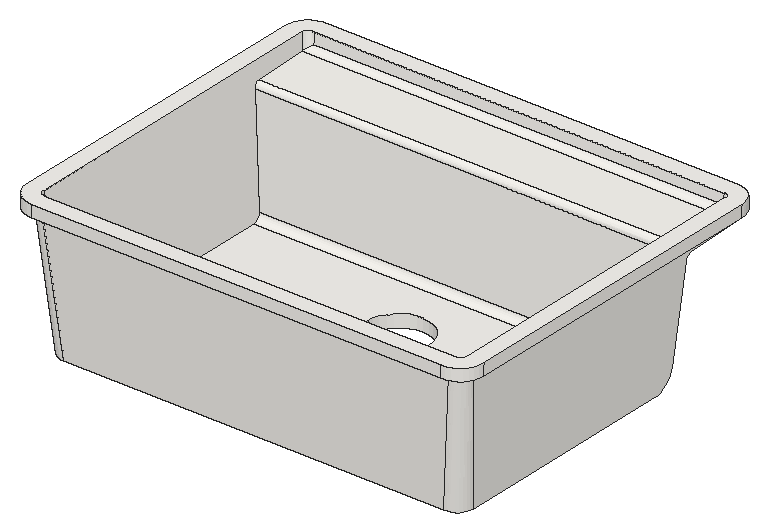
Revit family "Sink-Corian-European-Tasty-9610", category Plumbing Fixtures, host Face, Revit 2015
Parameters (values of type "9610")
  Width = 680.0 mm
  WFU = 0
  Version = "2015 - v1.0a"  # constant formula
  URL = "http://www.corian.uk/-the-complete-residential-surfaces-solutions-"
  Sink Colors Available = "Designer White, Glacier White"
  Product Page URL = "http://www.corian.uk/-kitchen-sinks-"
  Model = "Tasty 9610"  # constant formula
  Manufacturer = "DuPont"  # constant formula
  Length = 550.0 mm
  Interior Width = 630.0 mm
  Interior Length = 500.0 mm
  HWFU = 0
  Finish = Solid Surface Sink - DuPont - Glacier White
  Description = "Kitchen Sink Europe Specification"  # constant formula
  Interior Depth = 196.0 mm
  Depth = 215.0 mm
  Default Elevation = 1219.2 mm
  Cost = 0
  CWFU = 0
Reference planes
  plane 1 "Center (Front/Back)": y = 0
  plane 2: z = 0
  plane 3 "Center (Left/Right)": x = 0
  plane 4: y = 275
  plane 5: y = -275
  plane 6: x = -340
  plane 7: x = 340
  plane 8: z = -208
  plane 9: x = -315
  plane 10: x = 315
  plane 11: y = 250
  plane 12: y = -250
  plane 13 "NAME": z = -12
  plane 14: z = -227
  plane 15: x = -370
  plane 16: x = 370
Forms (mm)
  Extrusion 1, void
    sketch origin (0, 0, 0) x (1, 0, 0) y (0, 1, 0)
      loop
        arc (-315, -239.5) -> (-311.925, -246.925) -> (-304.5, -250) r 10.5
        line (-304.5, -250) -> (304.5, -250)
        arc (304.5, -250) -> (311.925, -246.925) -> (315, -239.5) r 10.5
        line (315, -239.5) -> (315, 239.5)
        arc (315, 239.5) -> (311.925, 246.925) -> (304.5, 250) r 10.5
        line (304.5, 250) -> (-304.5, 250)
        arc (-304.5, 250) -> (-311.925, 246.925) -> (-315, 239.5) r 10.5
        line (-315, 239.5) -> (-315, -239.5)
    from -227 to 0
  Sweep 2, solid, material "Solid Surface Sink - DuPont - Glacier White" <- "Finish"
    path origin (-322.065, -4572, -12) x (-1, 0, 0) y (0, -1, 0)
      loop
        arc (-17.565, -4847) -> (7.538, -4836.602) -> (17.935, -4811.5) r 35.5
        line (17.935, -4811.5) -> (17.935, -4332.5)
        arc (17.935, -4332.5) -> (7.538, -4307.398) -> (-17.565, -4297) r 35.5
        line (-17.565, -4297) -> (-626.565, -4297)
        arc (-626.565, -4297) -> (-651.667, -4307.398) -> (-662.065, -4332.5) r 35.5
        line (-662.065, -4332.5) -> (-662.065, -4811.5)
        arc (-662.065, -4811.5) -> (-651.667, -4836.602) -> (-626.565, -4847) r 35.5
        line (-626.565, -4847) -> (-17.565, -4847)
    profile origin (0, 275, -12) x (0, 1, 0) y (0, 0, 1)
      loop
        line (0, 0) -> (-20.429, 0) -> (-22.854, -17.257) -> (0, -17.257) -> (0, 0)
  Extrusion 3, solid, material "Solid Surface Sink - DuPont - Glacier White" <- "Finish"
    sketch origin (-322.065, -4572, -12) x (-1, 0, 0) y (0, -1, 0)
      loop
        arc (-613.226, -4788.9) -> (-610.513, -4795.448) -> (-603.965, -4798.161) r 9.261
        line (-603.965, -4798.161) -> (-40.165, -4798.161)
        arc (-40.165, -4798.161) -> (-33.616, -4795.448) -> (-30.904, -4788.9) r 9.261
        line (-30.904, -4788.9) -> (-30.904, -4355.1)
        arc (-30.904, -4355.1) -> (-33.616, -4348.552) -> (-40.165, -4345.839) r 9.261
        line (-40.165, -4345.839) -> (-603.965, -4345.839)
        arc (-603.965, -4345.839) -> (-610.513, -4348.552) -> (-613.226, -4355.1) r 9.261
        line (-613.226, -4355.1) -> (-613.226, -4788.9)
    from -215 to -196
  Extrusion 4, void, detail levels medium+fine
    sketch origin (-322.065, -4572, -12) x (0, -1, 0) y (-1, 0, 0)
      loop
        circle (-4648.2, -322.065) r 46.038
    from 134.956 to 215
  SweptBlend 5, solid, material "Solid Surface Sink - DuPont - Glacier White" <- "Finish"
    path origin (0, 0, 0) x (0, 1, 0) y (0, 0, 1)
      loop
        line (0, -12) -> (0, -227)
    profile origin (0, 0, -12) x (1, 0, 0) y (0, 1, 0)
      loop
        line (-325, 240) -> (-325, -240)
        arc (-325, -240) -> (-319.142, -254.142) -> (-305, -260) r 20
        line (-305, -260) -> (305, -260)
        arc (305, -260) -> (319.142, -254.142) -> (325, -240) r 20
        line (325, -240) -> (325, 240)
        arc (325, 240) -> (319.142, 254.142) -> (305, 260) r 20
        line (305, 260) -> (-305, 260)
        arc (-305, 260) -> (-319.142, 254.142) -> (-325, 240) r 20
    end profile origin (0, 0, -227) x (1, 0, 0) y (0, 1, 0)
      loop
        line (-307.5, 217.5) -> (-307.5, -217.5)
        arc (-307.5, -217.5) -> (-300.178, -235.178) -> (-282.5, -242.5) r 25
        line (-282.5, -242.5) -> (282.5, -242.5)
        arc (282.5, -242.5) -> (300.178, -235.178) -> (307.5, -217.5) r 25
        line (307.5, -217.5) -> (307.5, 217.5)
        arc (307.5, 217.5) -> (300.178, 235.178) -> (282.5, 242.5) r 25
        line (282.5, 242.5) -> (-282.5, 242.5)
        arc (-282.5, 242.5) -> (-300.178, 235.178) -> (-307.5, 217.5) r 25
  SweptBlend 6, void
    path origin (0, 0, 0) x (0, 1, 0) y (0, 0, 1)
      loop
        line (0, -12) -> (0, -208)
    profile origin (0, 0, -12) x (1, 0, 0) y (0, 1, 0)
      loop
        line (-314.975, 240) -> (-314.975, -240)
        arc (-314.975, -240) -> (-312.053, -247.053) -> (-305, -249.975) r 9.975
        line (-305, -249.975) -> (305, -249.975)
        arc (305, -249.975) -> (312.053, -247.053) -> (314.975, -240) r 9.975
        line (314.975, -240) -> (314.975, 240)
        arc (314.975, 240) -> (312.053, 247.053) -> (305, 249.975) r 9.975
        line (305, 249.975) -> (-305, 249.975)
        arc (-305, 249.975) -> (-312.053, 247.053) -> (-314.975, 240) r 9.975
    end profile origin (0, 0, -208) x (1, 0, 0) y (0, 1, 0)
      loop
        line (-293.2, 211.2) -> (-293.2, -211.2)
        arc (-293.2, -211.2) -> (-288.221, -223.221) -> (-276.2, -228.2) r 17
        line (-276.2, -228.2) -> (276.2, -228.2)
        arc (276.2, -228.2) -> (288.221, -223.221) -> (293.2, -211.2) r 17
        line (293.2, -211.2) -> (293.2, 211.2)
        arc (293.2, 211.2) -> (288.221, 223.221) -> (276.2, 228.2) r 17
        line (276.2, 228.2) -> (-276.2, 228.2)
        arc (-276.2, 228.2) -> (-288.221, 223.221) -> (-293.2, 211.2) r 17
  Extrusion 7, solid, material "Solid Surface Sink - DuPont - Glacier White" <- "Finish"
    sketch origin (0, 0, 0) x (0, 1, 0) y (0, 0, 1)
      loop
        arc (249.256, -24.182) -> (244.969, -31.778) -> (236.708, -34.578) r 12.216
        line (236.708, -34.578) -> (156.533, -37.378)
        arc (156.533, -37.378) -> (150.578, -40.218) -> (148.159, -46.357) r 9.001
        line (148.159, -46.357) -> (134.881, -198.13)
        arc (134.881, -198.13) -> (130.796, -205.206) -> (123.118, -208) r 11.944
        line (123.118, -208) -> (117.583, -208) -> (117.583, -227)
        arc (117.583, -227) -> (137.997, -218.544) -> (146.453, -198.13) r 28.87
        line (146.453, -198.13) -> (158.687, -58.287)
        arc (158.687, -58.287) -> (162.506, -51.399) -> (169.755, -48.322) r 12.095
        line (169.755, -48.322) -> (255.897, -45.314) -> (255.897, -24.182) -> (249.256, -24.182)
    from -370 to 370
  Extrusion 8, void
    sketch origin (0, 0, 0) x (0, 1, 0) y (0, 0, 1)
      loop
        line (276, -43.611) -> (169.703, -47.323)
        arc (169.703, -47.323) -> (161.826, -50.665) -> (157.695, -58.157) r 13.095
        line (157.695, -58.157) -> (146.206, -198.343)
        arc (146.206, -198.343) -> (137.774, -218.257) -> (117.583, -226) r 27.632
        line (117.583, -226) -> (117.583, -258) -> (276, -258) -> (276, -43.611)
    from -370 to 370
  Extrusion 9, void
    sketch origin (0, 0, 0) x (1, 0, 0) y (0, 0, 1)
      loop
        line (-307.5, -227) -> (-325.977, 0) -> (-370, 0) -> (-370, -227) -> (-307.5, -227)
      loop
        line (307.5, -227) -> (370, -227) -> (370, 0) -> (325.977, 0) -> (307.5, -227)
    from -275 to 0
  Extrusion 10, void
    sketch origin (0, 0, 0) x (1, 0, 0) y (0, 1, 0)
      loop
        circle (0, 26.2) r 46.038
    from -227 to -208
Cuts and joins
  Extrusion 10 cuts Sweep 2
  Extrusion 4, Extrusion 8, Extrusion 10 cuts Extrusion 3
  SweptBlend 6, Extrusion 8, Extrusion 10 cuts SweptBlend 5
  Extrusion 9, Extrusion 10 cuts Extrusion 7
  joined: Sweep 2, Extrusion 3, SweptBlend 5, Extrusion 7
Lines and regions (mm)
  Masking region 1, detail levels medium+fine
    outline origin (677.935, -4572, -12) x (-1, 0, 0) y (0, -1, 0)
      loop
        circle (677.935, -4598.2) r 46.038
  Masking region 2
    outline origin (0, 0, 0) x (1, 0, 0) y (0, 1, 0)
      loop
        arc (-305.025, -249.975) -> (-312.078, -247.053) -> (-315, -240) r 9.975
        line (-315, -240) -> (-315, 240)
        arc (-315, 240) -> (-312.071, 247.071) -> (-305, 250) r 10
        line (-305, 250) -> (305, 250)
        arc (305, 250) -> (312.071, 247.071) -> (315, 240) r 10
        line (315, 240) -> (315, -240)
        arc (315, -240) -> (312.078, -247.053) -> (305.025, -249.975) r 9.975
      loop
        line (-304.975, -250) -> (304.975, -250)
  Masking region 3, detail levels fine
    outline origin (0, 0, 0) x (1, 0, 0) y (0, 1, 0)
      loop
        line (-293.2, 134.017) -> (-293.2, -211.2)
        arc (-293.2, -211.2) -> (-288.221, -223.221) -> (-276.2, -228.2) r 17
        line (-276.2, -228.2) -> (276.2, -228.2)
        arc (276.2, -228.2) -> (288.221, -223.221) -> (293.2, -211.2) r 17
        line (293.2, -211.2) -> (293.2, 134.017) -> (312.156, 148.945) -> (312.156, 236.533)
        arc (312.156, 236.533) -> (308.724, 244.818) -> (300.439, 248.25) r 11.717
        line (300.439, 248.25) -> (-300.439, 248.25)
        arc (-300.439, 248.25) -> (-308.724, 244.818) -> (-312.156, 236.533) r 11.717
        line (-312.156, 236.533) -> (-312.156, 148.945) -> (-293.2, 134.017)
  symbolic lines, detail levels fine
    curve 1: line (312.156, 148.945, 0) -> (-312.156, 148.945, 0)
    curve 2: line (-293.2, 134.017, 0) -> (293.2, 134.017, 0)
  symbolic lines, detail levels medium
    curve 3: line (-315, 148.945, 0) -> (315, 148.945, 0)
Dimensions and locks
  locked: plane 2 to plane 13 "NAME" at 12
  "Interior Depth": plane 13 "NAME" to plane 8
  "Interior Width": plane 9 to plane 10
  "Width": plane 6 to plane 7
  "Interior Length": plane 11 to plane 12
  "Length": plane 4 to plane 5
  equal spacing: plane 11, plane 1 "Center (Front/Back)", plane 12
  equal spacing: plane 4, plane 1 "Center (Front/Back)", plane 5
  plane 6 to Sweep 2 sketch curve to Sweep 2 sketch curve = 35.5 mm locked, 0.0 mm locked
  Sweep 2 sketch curve to Sweep 2 sketch curve to plane 7 = 0.0 mm locked, 35.5 mm locked
  plane 4 to Sweep 2 sketch curve to Sweep 2 sketch curve = 35.5 mm locked, 0.0 mm locked
  Sweep 2 sketch curve to Sweep 2 sketch curve to plane 5 = 0.0 mm locked, 35.5 mm locked
  plane 6 to Extrusion 1 sketch curve to Extrusion 1 sketch curve = 35.5 mm locked, 0.0 mm locked
  Extrusion 1 sketch curve to Extrusion 1 sketch curve to plane 7 = 0.0 mm locked, 35.5 mm locked
  plane 4 to Extrusion 1 sketch curve to Extrusion 1 sketch curve = 35.5 mm locked, 0.0 mm locked
  Extrusion 1 sketch curve to Extrusion 1 sketch curve to plane 5 = 0.0 mm locked, 35.5 mm locked
  locked: plane 13 "NAME" to Sweep 2 sketch curve at 17.257
  plane 4 to Sweep 2 sketch curve to Sweep 2 sketch curve = 20.429 mm locked, 2.425 mm locked
  locked: plane 13 "NAME" to SweptBlend 5 sketch curve
  locked: plane 13 "NAME" to SweptBlend 6 sketch curve
  plane 9 to SweptBlend 6 sketch curve to SweptBlend 6 sketch curve to SweptBlend 6 sketch curve = 0.025 mm locked, 9.975 mm locked, 0.0 mm locked
  SweptBlend 6 sketch curve to SweptBlend 6 sketch curve to SweptBlend 6 sketch curve to plane 10 = 0.0 mm locked, 9.975 mm locked, 0.025 mm locked
  plane 11 to SweptBlend 6 sketch curve to SweptBlend 6 sketch curve to SweptBlend 6 sketch curve = 0.025 mm locked, 9.975 mm locked, 0.0 mm locked
  SweptBlend 6 sketch curve to SweptBlend 6 sketch curve to SweptBlend 6 sketch curve to plane 12 = 0.0 mm locked, 9.975 mm locked, 0.025 mm locked
  plane 11 to SweptBlend 6 sketch curve to SweptBlend 6 sketch curve to SweptBlend 6 sketch curve = 21.8 mm locked, 17.0 mm locked, 0.0 mm locked
  SweptBlend 6 sketch curve to SweptBlend 6 sketch curve to SweptBlend 6 sketch curve to plane 12 = 0.0 mm locked, 17.0 mm locked, 21.8 mm locked
  plane 9 to SweptBlend 6 sketch curve to SweptBlend 6 sketch curve to SweptBlend 6 sketch curve = 21.8 mm locked, 17.0 mm locked, 0.0 mm locked
  SweptBlend 6 sketch curve to SweptBlend 6 sketch curve to SweptBlend 6 sketch curve to plane 10 = 0.0 mm locked, 17.0 mm locked, 21.8 mm locked
  SweptBlend 5 sketch curve to plane 9 to SweptBlend 5 sketch curve to SweptBlend 5 sketch curve = 10.0 mm locked, 10.0 mm locked, 0.0 mm locked
  SweptBlend 5 sketch curve to SweptBlend 5 sketch curve to plane 10 to SweptBlend 5 sketch curve = 0.0 mm locked, 10.0 mm locked, 10.0 mm locked
  SweptBlend 5 sketch curve to plane 11 to SweptBlend 5 sketch curve to SweptBlend 5 sketch curve = 10.0 mm locked, 10.0 mm locked, 0.0 mm locked
  SweptBlend 5 sketch curve to SweptBlend 5 sketch curve to plane 12 to SweptBlend 5 sketch curve = 0.0 mm locked, 10.0 mm locked, 10.0 mm locked
  plane 9 to Extrusion 3 sketch curve to Extrusion 3 sketch curve to Extrusion 3 sketch curve = 23.839 mm locked, 9.261 mm locked, 0.0 mm locked
  Extrusion 3 sketch curve to Extrusion 3 sketch curve to Extrusion 3 sketch curve to plane 10 = 0.0 mm locked, 9.261 mm locked, 23.839 mm locked
  plane 11 to Extrusion 3 sketch curve to Extrusion 3 sketch curve to Extrusion 3 sketch curve = 23.839 mm locked, 9.261 mm locked, 0.0 mm locked
  Extrusion 3 sketch curve to Extrusion 3 sketch curve to Extrusion 3 sketch curve to plane 12 = 0.0 mm locked, 9.261 mm locked, 23.839 mm locked
  SweptBlend 5 sketch curve to SweptBlend 5 sketch curve to SweptBlend 5 sketch curve to plane 10 = 0.0 mm locked, 25.0 mm locked, 7.5 mm locked
  plane 9 to SweptBlend 5 sketch curve to SweptBlend 5 sketch curve to SweptBlend 5 sketch curve = 7.5 mm locked, 25.0 mm locked, 0.0 mm locked
  equal spacing: plane 9, plane 3 "Center (Left/Right)", plane 10
  equal spacing: plane 6, plane 3 "Center (Left/Right)", plane 7
  locked: plane 8 to plane 14 at 19
  plane 11 to SweptBlend 5 sketch curve to SweptBlend 5 sketch curve to SweptBlend 5 sketch curve = 7.5 mm locked, 25.0 mm locked, 0.0 mm locked
  SweptBlend 5 sketch curve to SweptBlend 5 sketch curve to SweptBlend 5 sketch curve to plane 12 = 0.0 mm locked, 25.0 mm locked, 7.5 mm locked
  plane 1 "Center (Front/Back)" to Extrusion 8 = 276.0 mm
  locked: plane 15 to plane 6 at 30
  locked: plane 7 to plane 16 at 30
  locked: plane 1 "Center (Front/Back)" to Extrusion 10 sketch curve at 26.2
  locked: plane 1 "Center (Front/Back)" to Extrusion 4 sketch curve at 76.2
  Extrusion 7 sketch curve to plane 11 to Extrusion 7 sketch curve to Extrusion 7 sketch curve to Extrusion 7 sketch curve to Extrusion 7 sketch curve to Extrusion 7 sketch curve to Extrusion 7 sketch curve to Extrusion 7 sketch curve to Extrusion 7 sketch curve to Extrusion 7 sketch curve to Extrusion 7 sketch curve = 5.897 mm locked, 0.744 mm locked, 12.548 mm locked, 66.953 mm locked, 11.067 mm locked, 2.155 mm locked, 8.373 mm locked, 1.707 mm locked, 11.572 mm locked, 11.763 mm locked, 5.536 mm locked
  plane 13 "NAME" to Extrusion 7 sketch curve to Extrusion 7 sketch curve to Extrusion 7 sketch curve to Extrusion 7 sketch curve to Extrusion 7 sketch curve to Extrusion 7 sketch curve to Extrusion 7 sketch curve = 12.182 mm locked, 10.396 mm locked, 2.8 mm locked, 7.936 mm locked, 1.043 mm locked, 1.965 mm locked, 9.965 mm locked
  Extrusion 7 sketch curve to Extrusion 7 sketch curve to plane 8 to Extrusion 7 sketch curve to Extrusion 7 sketch curve = 0.0 mm locked, 9.87 mm locked, 0.0 mm locked, 19.0 mm locked
  Extrusion 8 sketch curve to plane 4 to Extrusion 8 sketch curve to Extrusion 8 sketch curve to Extrusion 8 sketch curve to Extrusion 8 sketch curve = 1.0 mm locked, 105.297 mm locked, 12.008 mm locked, 11.49 mm locked, 28.623 mm locked
  Extrusion 8 sketch curve to Extrusion 8 sketch curve to plane 14 to Extrusion 8 sketch curve = 27.657 mm locked, 1.0 mm locked, 31.0 mm locked
  plane 13 "NAME" to Extrusion 8 sketch curve to Extrusion 8 sketch curve to Extrusion 8 sketch curve = 31.611 mm locked, 3.712 mm locked, 10.834 mm locked
  diameter of Extrusion 4 sketch curve = 92.075 mm
  aligned and locked: plane 2 to host face
  aligned and locked: level to host face
  aligned and locked: level to Extrusion 1
  aligned and locked: plane 3 "Center (Left/Right)" to Extrusion 4 sketch curve
  aligned and locked: Sweep 2 sketch curve to plane 5
  aligned and locked: plane 7 to Sweep 2 sketch curve
  aligned and locked: plane 6 to Sweep 2 sketch curve
  aligned and locked: Sweep 2 sketch curve to plane 4
  aligned and locked: plane 4 to Sweep 2 sketch curve
  aligned and locked: Sweep 2 sketch curve to plane 13 "NAME"
  aligned and locked: plane 1 "Center (Front/Back)" to SweptBlend 5 sketch curve
  aligned and locked: SweptBlend 6 sketch curve to plane 1 "Center (Front/Back)"
  aligned and locked: cut or joined group of Sweep 2, Extrusion 3, Extrusion 4, SweptBlend 5, SweptBlend 6, Extrusion 7, Extrusion 8, Extrusion 9, Extrusion 10 to plane 14  (x2)
  aligned and locked: plane 8 to cut or joined group of Sweep 2, Extrusion 3, Extrusion 4, SweptBlend 5, SweptBlend 6, Extrusion 7, Extrusion 8, Extrusion 9, Extrusion 10
  aligned and locked: plane 8 to SweptBlend 6 sketch curve
  aligned and locked: Extrusion 8 to plane 15
  aligned and locked: Extrusion 8 to plane 16
  aligned and locked: Extrusion 8 to Extrusion 7  (x2)
  aligned and locked: plane 4 to Extrusion 9
  aligned and locked: plane 1 "Center (Front/Back)" to Extrusion 9
  aligned and locked: plane 16 to Extrusion 9 sketch curve
  aligned and locked: Extrusion 9 sketch curve to plane 15
  aligned and locked: Extrusion 9 sketch curve to plane 14
  aligned and locked: plane 14 to Extrusion 9 sketch curve
  aligned and locked: plane 3 "Center (Left/Right)" to Extrusion 10 sketch curve
  aligned and locked: Extrusion 10 to plane 14
  aligned and locked: plane 8 to Extrusion 10
  aligned and locked: plane 9 to Masking region 2 sketch curve
  aligned and locked: Masking region 2 sketch curve to plane 11
  aligned and locked: plane 10 to Masking region 2 sketch curve
  aligned and locked: Masking region 2 sketch curve to plane 12
Automatic sketch dimensions
  host sketch curve to host sketch curve = 2438.4 mm  (x2)
  Masking region 1 sketch curve to Masking region 1 sketch curve = 0.0 mm  (x2)
  plane 3 "Center (Left/Right)" to Masking region 1 sketch curve = 0.0 mm
  Masking region 1 sketch curve to plane 1 "Center (Front/Back)" = 26.2 mm
  Masking region 1 sketch curve to Masking region 1 sketch curve = 46.038 mm
  SweptBlend 5 sketch curve to plane 1 "Center (Front/Back)" = 0.0 mm
  Extrusion 1 sketch curve to plane 9 = 0.0 mm
  SweptBlend 5 sketch curve to plane 8 = 19.0 mm
  Extrusion 7 sketch curve to Extrusion 7 sketch curve = 0.467 mm
  Extrusion 7 sketch curve to Extrusion 7 sketch curve = 0.0 mm
  Extrusion 8 sketch curve to Extrusion 8 sketch curve = 0.896 mm
  Extrusion 8 sketch curve to Extrusion 8 sketch curve = 27.632 mm
  Extrusion 9 sketch curve to level = 0.0 mm  (x2)
  Extrusion 9 sketch curve to plane 9 = 10.977 mm
  plane 9 to Extrusion 9 sketch curve = 7.5 mm
  Extrusion 9 sketch curve to plane 10 = 7.5 mm
  plane 10 to Extrusion 9 sketch curve = 10.977 mm
  Masking region 2 sketch curve to Masking region 2 sketch curve = 9.975 mm
  plane 9 to Masking region 2 sketch curve = 10.0 mm
  Masking region 2 sketch curve to plane 10 = 10.0 mm
  Masking region 2 sketch curve to plane 10 = 9.975 mm
  plane 12 to Masking region 2 sketch curve = 10.0 mm  (x2)
  Masking region 2 sketch curve to Masking region 2 sketch curve = 0.051 mm  (x2)
  plane 9 to Masking region 3 sketch curve = 2.844 mm
  Masking region 3 sketch curve to plane 11 = 1.75 mm
  plane 9 to Masking region 3 sketch curve = 14.561 mm
  plane 9 to Masking region 3 sketch curve = 21.8 mm
  Masking region 3 sketch curve to Masking region 3 sketch curve = 17.0 mm
  plane 12 to Masking region 3 sketch curve = 21.8 mm
  Masking region 3 sketch curve to plane 10 = 38.8 mm
  Masking region 3 sketch curve to plane 10 = 21.8 mm
  Masking region 3 sketch curve to plane 10 = 14.561 mm
  Masking region 3 sketch curve to plane 10 = 2.844 mm
  Masking region 3 sketch curve to Masking region 3 sketch curve = 102.515 mm  (x2)
  Masking region 3 sketch curve to Masking region 3 sketch curve = 14.928 mm  (x2)
  curve 3 to plane 9 = 0.0 mm
  curve 3 to plane 10 = 0.0 mm
  plane 9 to curve 2 = 21.8 mm
  curve 2 to plane 11 = 115.983 mm
  plane 9 to curve 1 = 2.844 mm
  curve 2 to plane 10 = 21.8 mm
  curve 1 to curve 3 = 2.844 mm
  curve 2 to curve 1 = 14.928 mm
  curve 3 to curve 1 = 0.0 mm
  Extrusion 7 sketch curve to Extrusion 7 sketch curve = 2.1 mm
  radius of Extrusion 10 sketch curve = 46.038 mm
Connectors
  piping at (0, 26.2, -227), diameter 90
    settings: on cut or joined group of Sweep 2, Extrusion 3, Extrusion 4, SweptBlend 5, SweptBlend 6, Extrusion 7, Extrusion 8, Extrusion 9, Extrusion 10, index 1, connector inside diameter 24", connector length 0.0 mm, flow factor 0, pipe flow 0 GPM, pressure drop 0.00 psi, fitting loss kfactor 0, connector angle 0.00°, fixture units 0, engagement length 0.0 mm, angle of deflection 0.00°, flow configuration 0, flow direction 2, fitting loss method 0, system type 16, joint type 0, gender type 0, connector reference index -1, connector utility 0, adjustable connector no, is connector primary yes, connector description "Drain"
